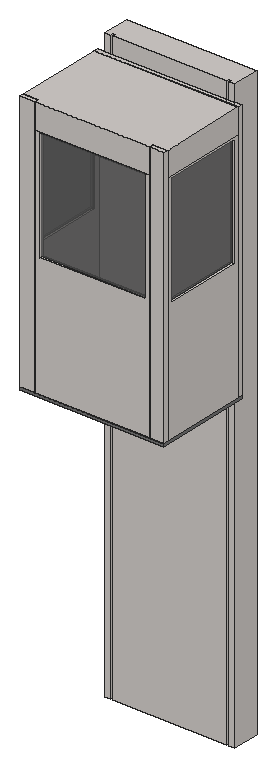
Revit family "Telecab_Savaria", category Specialty Equipment, Revit 2026
Family settings
  Round Connector Dimension = Use Diameter
  Part Type = Normal
  Classification Number = 23.50.05.11
  Work Plane-Based = No
  Enable Cutting in Views = No
  Always vertical = Yes
  Cut with Voids When Loaded = No
  Maintain Annotation Orientation = No
  Shared = No
  Room Calculation Point = No
Parameters
  Warranty Duration (Years) = 1
  Voltage_MEP [instance] = 208 V
  Unit Width = 2' - 6"
  Unit Depth = 3' - 10"
  URL = "http://www.savariaconcord.com/"
  Type Comments = ""
  Stops [instance] = 2
  Specification = "http://www.arcat.com/sdspecs/htm/14202sci.htm"
  SpecWizard = "http://www.arcat.com/specwizard/14202sci/index.htm?coid=31585&mf="
  Send Message = "http://www.arcat.com/users.pl?action=UserEmail&company=Savaria%20Concord&coid=31585&rep=119&fax=905-791-2222&mf="
  Sales Information = ""
  Right  Door - RH Swing [instance] = no
  Product Properties = "http://www.arcat.com/bim/bim_info.pl?fn=SavariaConcord"
  Product Data = "http://www.arcat.com/arcatcos/cos31/arc31585.html"
  Model = "As Specified in 14 40 00"
  Left Door - RH Swing [instance] = yes
  Front Door Width = Unit Depth - 0' 7"  # 3' - 3"
  Front Door - RH Swing [instance] = yes
  Floor Finish = Metal - Grey
  Finish = Metal - Beige
  Manufacturer's Notes = ""
  Manufacturer Website = "http://www.savariaconcord.com/"
  Manufacturer Phone - Toll Free = "800-661-5112 "
  Manufacturer Phone = "905-791-5555 "
  Manufacturer Fax = "905-791-2222"
  Manufacturer Address = "107 Alfred Kuehne Blvd., Brampton, ON, Canada L6T 4K3"
  Manufacturer = "Savaria Concord"
  Maintenance Schedule (Months) = 0
  MEP Apparent Power [instance] = Voltage_MEP * MEP Amperage  # 4160 VA
  MEP Amperage [instance] = 20 A
  Lift Travel Speed = ""
  Lift Operation = ""
  Top Landing Elevation [instance] = 9' - 0"
  Keynote = "14 40 00"
  Installation-Fabrication = ""
  Installation Phase = "Interior fixtures and fittings"
  Green Building-LEED = "http://www.arcat.com/green/clients/leed_data_31585.html"
  Expected Lifespan (Years) = 0
  Drawn By = "Robert S. Weygant, CSI, CDT, SCIP"
  Side Door Width = Unit Width  # 2' - 6"
  Description = "Savaria Concord Hydraulic Passenger Elevator as Specified in 14 40 00"
  Default Elevation = 0' - 0"
  Copyright = "2010, ARCAT, Inc"
  Construction Details = "http://www.arcat.com/details/savaria/savaria.html?coid=31585"
  Capacity (Weight) = 1400.00 lbf
  Building Code Conformance = "[ASME A17.1; NFPA 70][CSA B44; CSA National Electrical Code]"
  Assembly Code = "D1010310"
  ADA Compliant = yes
Reference planes (in)
  plane 1 "FF": z = 0
  plane 2 "Center (Left/Right)": x = 0
  plane 3 "Top Landing": z = 108
  plane 4: x = -23
  plane 5: x = 23
  plane 6: y = 16
  plane 7: y = -14
  plane 8 "Back": y = 26.80059
Forms (in)
  Extrusion 1, solid, material "Metal - Grey" <- "Floor Finish"
    sketch origin (0, 0, 108) x (-1, 0, 0) y (0, -1, 0)
      loop
        line (24.5, -17.5) -> (24.5, 15.5) -> (-24.5, 15.5) -> (-24.5, -17.5) -> (24.5, -17.5)
    from -0.99363 to 0
  Extrusion 2, solid, material "Metal - Beige"
    sketch origin (3.31129, 23.62499, 0) x (1, 0, 0) y (0, 1, 0)
      loop
        line (-25.31406, -6.12499) -> (-23.44527, -6.12499) -> (-23.44527, -5.37499) -> (-22.69527, -5.37499) -> (-22.69527, -6.12499) -> (16.07268, -6.12499) -> (16.07268, -5.37499) -> (16.82268, -5.37499) -> (16.82268, -6.12499) -> (18.69147, -6.12499) -> (18.69147, 3.17559) -> (-25.31406, 3.17559) -> (-25.31406, -6.12499)
    from 0 to 201.93631
  Extrusion 3, solid, material "Metal - Beige" <- "Finish"
    sketch origin (0, 0, 108) x (-1, 0, 0) y (0, -1, 0)
      loop
        line (24.5, 15.5) -> (19.5, 15.5) -> (19.5, 14) -> (24.5, 14) -> (24.5, 15.5)
      loop
        line (-24.5, 15.5) -> (-24.5, 14) -> (-19.5, 14) -> (-19.5, 15.5) -> (-24.5, 15.5)
      loop
        line (24.5, -17.5) -> (24.5, -16) -> (-24.5, -16) -> (-24.5, -17.5) -> (24.5, -17.5)
    from 0 to 88.43312
  Extrusion 4, solid, material "Metal - Beige" <- "Finish"
    sketch origin (0, 0, 108) x (-1, 0, 0) y (0, -1, 0)
      loop
        line (19.5, 14) -> (19.5, 15.375) -> (-19.5, 15.375) -> (-19.5, 14) -> (-24.375, 14) -> (-24.375, -16) -> (24.375, -16) -> (24.375, 14) -> (19.5, 14)
    from 80 to 88.43312
Dimensions and locks (in)
  "Top Landing Elevation": plane 3 "Top Landing" to level
  locked: Extrusion 2 to plane 3 "Top Landing" at 93.93631
  equal spacing: plane 4, plane 2 "Center (Left/Right)", plane 5
  "Unit Depth": plane 4 to plane 5
  "Unit Width": plane 7 to plane 6
  locked: plane 6 to plane 8 "Back" at 10.80059
  Extrusion 2 to plane 2 "Center (Left/Right)" to Extrusion 2 = 1' - 10.00276" locked, 1' - 10.00276" locked
  aligned and locked: plane 2 "Center (Left/Right)" to nested 2
  aligned and locked: plane 7 to nested 2
  aligned and locked: plane 4 to nested 1
  aligned and locked: nested 1 to plane 6
  aligned and locked: nested 3 to plane 6
Automatic sketch dimensions
  Extrusion 1 sketch curve to plane 5 = 0' - 1 1/2"
  plane 4 to Extrusion 1 sketch curve = 0' - 1 1/2"
  Extrusion 1 sketch curve to plane 6 = 0' - 1 1/2"
  plane 7 to Extrusion 1 sketch curve = 0' - 1 1/2"
  Extrusion 3 sketch curve to plane 5 = 0' - 1 1/2"  (x2)
  Extrusion 3 sketch curve to plane 7 = 0' - 0"  (x2)
  Extrusion 3 sketch curve to plane 6 = 0' - 0"
  plane 4 to Extrusion 3 sketch curve = 0' - 1 1/2"  (x2)
  plane 7 to Extrusion 3 sketch curve = 0' - 1 1/2"  (x2)
  plane 5 to Extrusion 3 sketch curve = 0' - 3 1/2"
  Extrusion 3 sketch curve to plane 4 = 0' - 3 1/2"
  Extrusion 3 sketch curve to Extrusion 3 sketch curve = 0' - 1 1/2"
  Extrusion 4 sketch curve to plane 5 = 0' - 1 3/8"
  Extrusion 4 sketch curve to plane 7 = 0' - 0"  (x2)
  plane 4 to Extrusion 4 sketch curve = 0' - 1 3/8"
  plane 5 to Extrusion 4 sketch curve = 0' - 3 1/2"
  plane 7 to Extrusion 4 sketch curve = 0' - 1 3/8"
  Extrusion 4 sketch curve to plane 4 = 0' - 3 1/2"
  Extrusion 4 sketch curve to plane 6 = 0' - 0"
  Extrusion 2 sketch curve to plane 8 "Back" = 0' - 0"
  Extrusion 2 sketch curve to plane 6 = 0' - 1 1/2"  (x2)
  Extrusion 2 sketch curve to plane 4 = 0' - 0.99724"
  Extrusion 2 sketch curve to Extrusion 2 sketch curve = 0' - 1.86878"  (x2)
  Extrusion 2 sketch curve to Extrusion 2 sketch curve = 0' - 0 3/4"  (x4)
  plane 5 to Extrusion 2 sketch curve = 0' - 0.99724"
  Extrusion 2 sketch curve to Extrusion 2 sketch curve = 0' - 0"
Nested families (in)
  nested 1: "Lift Door-Telecab" at (-23.6875, 1, 108) x (0, -1, 0) z (0, 0, 1), Right Hand Swing <- "Left Door - RH Swing", type "Sides"
    with Right Hand Swing yes, Left Hand Swing no, Door Width 2' - 6"
  nested 2: "Lift Door-Telecab" at (0, -14.6875, 108), Right Hand Swing <- "Front Door - RH Swing", type "Front"
    with Right Hand Swing yes, Left Hand Swing no
  nested 3: "Lift Door-Telecab" at (23.6875, 1, 108) x (0, 1, 0) z (0, 0, 1), Right Hand Swing <- "Right  Door - RH Swing", type "Sides"
    with Right Hand Swing no, Left Hand Swing yes, Door Width 2' - 6"
Connectors (in)
  electrical at (0, 19.3001, 0), driven by "Voltage_MEP", driven by "MEP Apparent Power"
    settings: on Extrusion 2, index 1, voltage 208 V, apparent load 0 VA, apparent load phase1 4160 VA, apparent load phase2 0 VA, apparent load phase3 0 VA, power factor 1, load classification "Other", number of poles 1, system type 31, power factor state 1, is connector primary yes, connector utility no, sub classification motor no, connector description ""
Definition of nested family "Lift Door-Telecab"
  Parameters
    Right Hand Swing [instance] = yes
    Left Hand Swing [instance] = not(Right Hand Swing)  # no
    Door Width = 3' - 3"
    Door Thickness = 0' - 1 3/8"
    Door Panel = none
    Door Height = 6' - 9"
    Default Elevation = 0' - 0"
    Assembly Code = ""
  Reference planes (in)
    plane 1 "Center (Front/Back)": y = 0
    plane 2: z = 0
    plane 3 "Center (Left/Right)": x = 0
    plane 4: x = 19.5
    plane 5: x = -19.5
    plane 6: z = 81
    plane 7: y = -0.6875
    plane 8: y = 0.6875
  Forms (in)
    Extrusion 1, solid, material <- "Door Panel"
      sketch origin (0, 0, 0) x (1, 0, 0) y (0, 0, 1)
        loop
          line (-19.5, 81) -> (-19.5, 0) -> (19.5, 0) -> (19.5, 81) -> (-19.5, 81)
        loop
          line (-18, 79.5) -> (-18, 41.5) -> (18, 41.5) -> (18, 79.5) -> (-18, 79.5)
      from -0.6875 to 0.6875
    Extrusion 2, solid
      sketch origin (0, 0, 0) x (1, 0, 0) y (0, 0, 1)
        loop
          line (-18, 79.5) -> (-18, 41.5) -> (18, 41.5) -> (18, 79.5) -> (-18, 79.5)
      from -0.125 to 0.125
  Lines and regions (in)
    symbolic lines, visible <- "Right Hand Swing"
      curve 1: line (-18.125, -0.6875, 0) -> (-19.5, -0.6875, 0)
      curve 2: line (-18.125, -38.3125, 0) -> (-18.125, -0.6875, 0)
      curve 3: line (-19.5, -38.3125, 0) -> (-18.125, -38.3125, 0)
      curve 4: line (-19.5, -0.6875, 0) -> (-19.5, -38.3125, 0)
      curve 5: arc (19.5, 0.6875, 0) -> (8.07716, -26.88966, 0) -> (-19.5, -38.3125, 0) r 39
      curve 6: line (19.5, 0, 81) -> (-19.5, 0, 40.5)
      curve 7: line (19.5, 0, 0) -> (-19.5, 0, 40.5)
    symbolic lines, visible <- "Left Hand Swing"
      curve 8: line (18.125, -0.6875, 0) -> (19.5, -0.6875, 0)
      curve 9: line (18.125, -38.3125, 0) -> (18.125, -0.6875, 0)
      curve 10: line (19.5, -38.3125, 0) -> (18.125, -38.3125, 0)
      curve 11: line (19.5, -0.6875, 0) -> (19.5, -38.3125, 0)
      curve 12: arc (-19.5, 0.6875, 0) -> (-8.07716, -26.88966, 0) -> (19.5, -38.3125, 0) r 39
      curve 13: line (-19.5, 0, 81) -> (19.5, 0, 40.5)
      curve 14: line (-19.5, 0, 0) -> (19.5, 0, 40.5)
  Dimensions and locks (in)
    equal spacing: plane 5, plane 3 "Center (Left/Right)", plane 4
    "Door Width": plane 5 to plane 4
    "Door Height": plane 6 to level
    equal spacing: plane 8, plane 1 "Center (Front/Back)", plane 7
    "Door Thickness": plane 8 to plane 7
    "Door Thickness": plane 5 to curve 2
    equal spacing: level, curve 7, plane 6
    "Door Thickness": curve 9 to plane 4
    aligned and locked: Extrusion 1 to plane 8
    aligned and locked: Extrusion 1 to plane 7
    aligned and locked: Extrusion 2 to Extrusion 1
  Automatic sketch dimensions
    curve 5 to plane 5 = 0' - 0"
    curve 12 to plane 5 = 0' - 0"
    curve 8 to plane 7 = 0' - 0"
    curve 8 to plane 4 = 0' - 0"
    curve 5 to plane 4 = 0' - 0"
    curve 2 to plane 7 = 0' - 0"
    curve 12 to plane 8 = 0' - 0"
    curve 5 to plane 8 = 0' - 0"
    Extrusion 1 sketch curve to level = 0' - 0"
    Extrusion 1 sketch curve to plane 5 = 0' - 0"
    Extrusion 1 sketch curve to plane 4 = 0' - 0"
    Extrusion 1 sketch curve to plane 6 = 0' - 0"
    Extrusion 1 sketch curve to plane 5 = 0' - 1 1/2"
    Extrusion 1 sketch curve to plane 4 = 0' - 1 1/2"
    level to Extrusion 1 sketch curve = 3' - 5 1/2"
    Extrusion 1 sketch curve to plane 6 = 0' - 1 1/2"
    Extrusion 2 sketch curve to plane 5 = 0' - 1 1/2"
    Extrusion 2 sketch curve to plane 4 = 0' - 1 1/2"
    Extrusion 2 sketch curve to plane 6 = 3' - 3 1/2"
    Extrusion 2 sketch curve to plane 6 = 0' - 1 1/2"
    curve 6 to plane 5 = 0' - 0"
    curve 13 to plane 5 = 0' - 0"
    curve 14 to level = 0' - 0"
    curve 14 to plane 5 = 0' - 0"
    curve 13 to plane 4 = 0' - 0"
    curve 7 to level = 0' - 0"
    curve 7 to plane 4 = 0' - 0"
    curve 6 to plane 4 = 0' - 0"
    curve 13 to plane 6 = 0' - 0"
    curve 6 to plane 6 = 0' - 0"
    curve 13 to curve 6 = 0' - 0"
